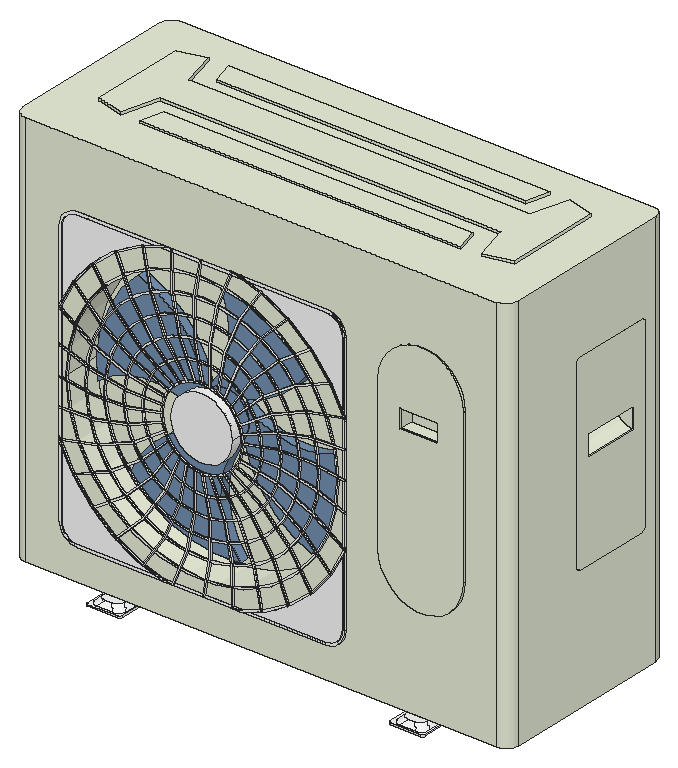
Revit family "MDV-V140W$DHN1(C)", category Mechanical Equipment, Revit 2013
Parameters (values of type "MDV-V140W/DHN1(C)")
  clearance access right = 600.000 mm
  clearance access left = 300.000 mm
  clearance access front = 2000.000 mm
  clearance access behind = 300.000 mm
  clearance [instance] = no
  Width = 1040.000 mm
  Series = "VRF"
  Power supply = "220-240V 1Ph~50Hz/60Hz"
  Net Weight = 90.40 kg
  Model = "MDV-V140W/DHN1(C)"
  Minimum Circuit Amps = 40 A
  Min cable selection (power wiring) = "3×6 mm2"
  Maximum Fuse Amps = 40 A
  Manufacturer = "Midea"
  Liquid pipe Radius = 0.5 * Liquid pipe  # 4.765 mm
  Liquid pipe = 9.530 mm
  Installation = "Outdoor installation"
  Height = 865.000 mm
  Heating Power Input = 3.85 kW
  Heating Capacity = 16.00 kW
  Gas pipe Radius = 0.5 * Gas pipe  # 7.950 mm
  Gas pipe = 15.900 mm
  Gas = "R410A"
  Description = "High efficiency air cooled"
  Depth = 410.000 mm
  Cooling Power Input = 3.75 kW
  Cooling Capacity = 14.00 kW
  Condensation = "Air"
  Compressor = "1"
  Casing color = "SB2098"
  Air Flow = 5400.00 m³/h
Reference planes
  plane 1 "Center (Front/Back)": y = 0
  plane 2: z = 0
  plane 3 "Center (Left/Right)": x = 0
  plane 4: y = 221
  plane 5: y = -189
  plane 6: x = -520
  plane 7: x = 520
  plane 8: z = 406.5
  plane 9: z = 300.608
  plane 10: z = 840
Forms (mm)
  Extrusion 1, solid, material "Galvanized Steel", detail levels medium+fine
    sketch origin (-463, 0, 789) x (1, 0, 0) y (0, 1, 0)
      loop
        line (958, 221) -> (-32, 221)
        arc (-32, 221) -> (-49.678, 213.678) -> (-57, 196) r 25
        line (-57, 196) -> (-57, -164)
        arc (-57, -164) -> (-49.678, -181.678) -> (-32, -189) r 25
        line (-32, -189) -> (958, -189)
        arc (958, -189) -> (975.678, -181.678) -> (983, -164) r 25
        line (983, -164) -> (983, 196)
        arc (983, 196) -> (975.678, 213.678) -> (958, 221) r 25
    from -765 to 71
  Extrusion 2, void
    sketch origin (0, 0, 0) x (1, 0, 0) y (0, 0, 1)
      loop
        circle (-122.999, 406.499) r 286
    from 110.334 to 189
  Extrusion 3, solid, material "Galvanized Steel", detail levels fine
    sketch origin (0, 20, 0) x (1, 0, 0) y (0, 1, 0)
      loop
        line (-436.632, 111.286) -> (-436.632, -88.714) -> (-378.677, -104.243) -> (-357.971, -26.969) -> (0, -26.969) -> (357.971, -26.969) -> (378.677, -104.243) -> (436.632, -88.714) -> (436.632, 111.286) -> (378.677, 126.816) -> (357.971, 49.542) -> (0, 49.542) -> (-357.971, 49.542) -> (-378.677, 126.816) -> (-436.632, 111.286)
      loop
        line (-337.266, 126.816) -> (-324.511, 79.213) -> (0, 79.213) -> (324.511, 79.213) -> (337.266, 126.816) -> (0, 126.816) -> (-337.266, 126.816)
      loop
        line (-337.266, -106.816) -> (0, -106.816) -> (337.266, -106.816) -> (324.511, -59.213) -> (0, -59.213) -> (-324.511, -59.213) -> (-337.266, -106.816)
    from 860 to 865
  Extrusion 4, solid, material "Galvanized Steel", detail levels fine
    sketch origin (0, 5, 0) x (0, 1, 0) y (0, 0, 1)
      loop
        arc (-8.433, 685.069) -> (-15.504, 682.14) -> (-18.433, 675.069) r 10
        line (-18.433, 675.069) -> (-18.433, 295.069)
        arc (-18.433, 295.069) -> (-15.504, 287.998) -> (-8.433, 285.069) r 10
        line (-8.433, 285.069) -> (151.567, 285.069)
        arc (151.567, 285.069) -> (158.638, 287.998) -> (161.567, 295.069) r 10
        line (161.567, 295.069) -> (161.567, 675.069)
        arc (161.567, 675.069) -> (158.638, 682.14) -> (151.567, 685.069) r 10
        line (151.567, 685.069) -> (-8.433, 685.069)
    from 520 to 522
  Extrusion 5, solid, material "Galvanized Steel", detail levels fine
    sketch origin (-473, 221, 810) x (1, 0, 0) y (0, 0, -1)
      loop
        line (721.211, 499.033) -> (721.211, 179.033)
        arc (721.211, 179.033) -> (811.211, 89.033) -> (901.211, 179.033) r 90
        line (901.211, 179.033) -> (901.211, 499.033)
        arc (901.211, 499.033) -> (811.211, 589.033) -> (721.211, 499.033) r 90
    from -413 to -410
  Extrusion 6, void
    sketch origin (-438, -192, 810) x (1, 0, 0) y (0, 0, -1)
      loop
        line (731.52, 217.5) -> (811.52, 217.5) -> (811.52, 257.5) -> (731.52, 257.5) -> (731.52, 217.5)
    from 0 to 30.666
  Extrusion 7, void
    sketch origin (49, 0, 0) x (1, 0, 0) y (0, 0, 1)
      loop
        line (446.25, 532.035) -> (428.211, 532.035)
        arc (428.211, 532.035) -> (441.329, 500.364) -> (473, 487.246) r 44.789
        line (473, 487.246) -> (473, 532.035) -> (446.25, 532.035)
    from -137.024 to -16.461
  Extrusion 8, solid, material "Galvanized Steel"
    sketch origin (458, -189, 799) x (-1, 0, 0) y (0, 0, -1)
      loop
        circle (30.982, 736.541) r 4.765
    from -421 to -383.266
  Extrusion 9, solid, material "Galvanized Steel"
    sketch origin (458, -189, 829) x (-1, 0, 0) y (0, 0, -1)
      loop
        circle (30.982, 736.541) r 7.95
    from -421 to -383.266
Cuts and joins
  Extrusion 2, Extrusion 6, Extrusion 7 cuts Extrusion 1
  Extrusion 6 cuts Extrusion 5
  Extrusion 7 cuts Extrusion 4
Lines and regions (mm)
  model lines
    curve 1: line (-473, 221, 24) -> (-473, -139, 24)
    curve 2: line (473, 221, 24) -> (-473, 221, 24)
    curve 3: line (473, -139, 24) -> (473, 221, 24)
    curve 4: line (-473, -139, 24) -> (473, -139, 24)
    curve 5: line (520, 221, 838) -> (520, 221, 24)
    curve 6: line (-520, 221, 24) -> (-520, 221, 838)
    curve 7: line (520, -189, 838) -> (520, -189, 24)
    curve 8: line (-520, -189, 24) -> (-520, -189, 838)
    curve 9: line (520, -189, 860) -> (520, 221, 860)
    curve 10: line (520, 221, 860) -> (-520, 221, 860)
    curve 11: line (-520, 221, 860) -> (-520, -189, 860)
    curve 12: line (-520, -189, 860) -> (520, -189, 860)
Dimensions and locks
  aligned and locked: level to plane 2
Nested families
  nested 1: "xiaodijia2" at (318, 20, 0), type "xiaodijia2", detail levels medium+fine
  nested 2: "xiaodijia2" at (-318, 20, 0), type "xiaodijia2", detail levels medium+fine
  nested 3: "fengkou300（fangxing2）" at (-123, -191, 406.5) x (1, 0, 0) z (0, 1, 0), type "fengkou300（fangxing2）", detail levels medium+fine
  nested 4: "fengshan270" at (-122.996, -100, 406.5) x (0, 0, 1) z (0, -1, 0), type "fengshan270", detail levels fine
  nested 5: "service space" at (520, -189, 0), Height <- "Height", visible <- "clearance", type "Midea Service  Space"
    with Width 600.000 mm, Height 865.000 mm, Depth 410.000 mm
  nested 6: "service space" at (-820, -189, 0), Height <- "Height", visible <- "clearance", type "Midea Service  Space"
    with Width 300.000 mm, Height 865.000 mm, Depth 410.000 mm
  nested 7: "service space" at (-520, 221, 0), Height <- "Height", visible <- "clearance", type "Midea Service  Space"
    with Width 1040.000 mm, Height 865.000 mm, Depth 300.000 mm
  nested 8: "service space" at (-520, -2189, 0), Height <- "Height", visible <- "clearance", type "Midea Service  Space"
    with Width 1040.000 mm, Height 865.000 mm, Depth 2000.000 mm
Connectors
  electrical at (333.52, -192, 572.5)
    settings: on cut or joined group of Extrusion 5, Extrusion 6, index 1, voltage 220 V, apparent load 0 VA, apparent load phase1 0 VA, apparent load phase2 0 VA, apparent load phase3 0 VA, power factor 1, load classification "HVAC", number of poles 1, system type 30, power factor state 1, is connector primary yes, connector utility no, sub classification motor no, connector description ""
  piping at (427.018, 232, 62.459), driven by "Liquid pipe Radius"
    settings: on Extrusion 8, index 2, connector radius 0.1876", flow factor 0, pipe flow 0 GPM, pressure drop 0.00 psi, fitting loss kfactor 0, connector angle 0.00°, fixture units 0, engagement length 0.000 mm, flow configuration 0, flow direction 0, fitting loss method 0, system type 7, joint type 0, gender type 0, connector reference index -1, connector utility 0, adjustable connector no, is connector primary yes, fitting loss table "", connector description ""
  piping at (427.018, 232, 92.459), driven by "Gas pipe Radius"
    settings: on Extrusion 9, index 3, connector radius 0.31299", flow factor 0, pipe flow 0 GPM, pressure drop 0.00 psi, fitting loss kfactor 0, connector angle 0.00°, fixture units 0, engagement length 0.000 mm, flow configuration 0, flow direction 0, fitting loss method 0, system type 8, joint type 0, gender type 0, connector reference index -1, connector utility 0, adjustable connector no, is connector primary no, fitting loss table "", connector description ""
Definition of nested family "xiaodijia2"
  Reference planes
    plane 1 "Center (Front/Back)": y = 0
    plane 2: z = 0
    plane 3 "Center (Left/Right)": x = 0
    plane 4: y = 227
    plane 5: x = -36.5
    plane 6: x = 36.5
    plane 7: z = 12
    plane 8: z = 3
    plane 9: z = 24
    plane 10: y = -20
    plane 11: y = 20
    plane 12: x = 21.5
    plane 13: x = -21.5
    plane 14: y = 190
    plane 15: y = -190
    plane 16: x = -6
    plane 17: x = 6
    plane 18: y = -186
    plane 19: y = -194
  Forms (mm)
    Blend 1, solid, material "HXL White"
      base sketch origin (0, 0, 0) x (1, 0, 0) y (0, 1, 0)
        loop
          line (6.5, 212) -> (-6.5, 212)
          arc (-6.5, 212) -> (-17.107, 207.607) -> (-21.5, 197) r 15
          line (-21.5, 197) -> (-21.5, -197)
          arc (-21.5, -197) -> (-17.107, -207.607) -> (-6.5, -212) r 15
          line (-6.5, -212) -> (6.5, -212)
          arc (6.5, -212) -> (17.107, -207.607) -> (21.5, -197) r 15
          line (21.5, -197) -> (21.5, 197)
          arc (21.5, 197) -> (17.107, 207.607) -> (6.5, 212) r 15
      top sketch origin (0, 0, 0) x (1, 0, 0) y (0, 1, 0)
        loop
          line (26.5, 222) -> (-26.5, 222)
          arc (-26.5, 222) -> (-30.036, 220.536) -> (-31.5, 217) r 5
          line (-31.5, 217) -> (-31.5, -207)
          arc (-31.5, -207) -> (-27.107, -217.607) -> (-16.5, -222) r 15
          line (-16.5, -222) -> (16.5, -222)
          arc (16.5, -222) -> (27.107, -217.607) -> (31.5, -207) r 15
          line (31.5, -207) -> (31.5, 217)
          arc (31.5, 217) -> (30.036, 220.536) -> (26.5, 222) r 5
      from 12 to 3
    Blend 2, void
      base sketch origin (0, 0, 0) x (1, 0, 0) y (0, 1, 0)
        loop
          line (6.5, 202) -> (-6.5, 202)
          arc (-6.5, 202) -> (-10.036, 200.536) -> (-11.5, 197) r 5
          line (-11.5, 197) -> (-11.5, -197)
          arc (-11.5, -197) -> (-10.036, -200.536) -> (-6.5, -202) r 5
          line (-6.5, -202) -> (6.5, -202)
          arc (6.5, -202) -> (10.036, -200.536) -> (11.5, -197) r 5
          line (11.5, -197) -> (11.5, 197)
          arc (11.5, 197) -> (10.036, 200.536) -> (6.5, 202) r 5
      top sketch origin (0, 0, 0) x (1, 0, 0) y (0, 1, 0)
        loop
          line (31.5, -207) -> (31.5, 217)
          arc (31.5, 217) -> (30.036, 220.536) -> (26.5, 222) r 5
          line (26.5, 222) -> (-26.5, 222)
          arc (-26.5, 222) -> (-30.036, 220.536) -> (-31.5, 217) r 5
          line (-31.5, 217) -> (-31.5, -207)
          arc (-31.5, -207) -> (-27.107, -217.607) -> (-16.5, -222) r 15
          line (-16.5, -222) -> (16.5, -222)
          arc (16.5, -222) -> (27.107, -217.607) -> (31.5, -207) r 15
      from 8.355 to 3
    Extrusion 3, solid, material "HXL White"
      sketch origin (0, 0, 0) x (1, 0, 0) y (0, 1, 0)
        loop
          arc (-31.5, 227) -> (-35.036, 225.536) -> (-36.5, 222) r 5
          line (-36.5, 222) -> (-36.5, -222)
          arc (-36.5, -222) -> (-35.036, -225.536) -> (-31.5, -227) r 5
          line (-31.5, -227) -> (31.5, -227)
          arc (31.5, -227) -> (35.036, -225.536) -> (36.5, -222) r 5
          line (36.5, -222) -> (36.5, 222)
          arc (36.5, 222) -> (35.036, 225.536) -> (31.5, 227) r 5
          line (31.5, 227) -> (-31.5, 227)
        loop
          arc (-26.5, 222) -> (-30.036, 220.536) -> (-31.5, 217) r 5
          line (-31.5, 217) -> (-31.5, -207)
          arc (-31.5, -207) -> (-27.107, -217.607) -> (-16.5, -222) r 15
          line (-16.5, -222) -> (16.5, -222)
          arc (16.5, -222) -> (27.107, -217.607) -> (31.5, -207) r 15
          line (31.5, -207) -> (31.5, 217)
          arc (31.5, 217) -> (30.036, 220.536) -> (26.5, 222) r 5
          line (26.5, 222) -> (-26.5, 222)
      from 0 to 3
    Extrusion 4, solid, material "HXL White"
      sketch origin (0, 0, 0) x (0, 1, 0) y (0, 0, 1)
        loop
          arc (-19.275, 24) -> (-19.902, 23.667) -> (-20.264, 23.056) r 1.312
          line (-20.264, 23.056) -> (-22.833, 13.434)
          arc (-22.833, 13.434) -> (-23.437, 12.605) -> (-24.266, 12) r 3.318
          line (-24.266, 12) -> (24.266, 12)
          arc (24.266, 12) -> (23.437, 12.605) -> (22.833, 13.434) r 3.318
          line (22.833, 13.434) -> (20.264, 23.056)
          arc (20.264, 23.056) -> (19.902, 23.667) -> (19.275, 24) r 1.312
          line (19.275, 24) -> (-19.275, 24)
      from -21.5 to 21.5
    Extrusion 5, solid, material "HXL White"
      sketch origin (0, 150, 0) x (0, 1, 0) y (0, 0, 1)
        loop
          arc (-19.275, 24) -> (-19.902, 23.667) -> (-20.264, 23.056) r 1.312
          line (-20.264, 23.056) -> (-22.833, 13.434)
          arc (-22.833, 13.434) -> (-23.437, 12.605) -> (-24.266, 12) r 3.318
          line (-24.266, 12) -> (24.266, 12)
          arc (24.266, 12) -> (23.437, 12.605) -> (22.833, 13.434) r 3.318
          line (22.833, 13.434) -> (20.264, 23.056)
          arc (20.264, 23.056) -> (19.902, 23.667) -> (19.275, 24) r 1.312
          line (19.275, 24) -> (-19.275, 24)
      from -21.5 to 21.5
    Extrusion 6, solid, material "HXL White"
      sketch origin (0, -150, 0) x (0, 1, 0) y (0, 0, 1)
        loop
          arc (-19.275, 24) -> (-19.902, 23.667) -> (-20.264, 23.056) r 1.312
          line (-20.264, 23.056) -> (-22.833, 13.434)
          arc (-22.833, 13.434) -> (-23.437, 12.605) -> (-24.266, 12) r 3.318
          line (-24.266, 12) -> (24.266, 12)
          arc (24.266, 12) -> (23.437, 12.605) -> (22.833, 13.434) r 3.318
          line (22.833, 13.434) -> (20.264, 23.056)
          arc (20.264, 23.056) -> (19.902, 23.667) -> (19.275, 24) r 1.312
          line (19.275, 24) -> (-19.275, 24)
      from -21.5 to 21.5
    Extrusion 7, void
      sketch origin (0, 0, 0) x (1, 0, 0) y (0, 1, 0)
        loop
          arc (-6, -186) -> (-10, -190) -> (-6, -194) r 4
          line (-6, -194) -> (6, -194)
          arc (6, -194) -> (10, -190) -> (6, -186) r 4
          line (6, -186) -> (-6, -186)
        loop
          line (-6, 186) -> (6, 186)
          arc (6, 186) -> (10, 190) -> (6, 194) r 4
          line (6, 194) -> (-6, 194)
          arc (-6, 194) -> (-10, 190) -> (-6, 186) r 4
      from 0 to 20
  Cuts and joins
    Blend 2, Extrusion 7 cuts Blend 1
  Dimensions and locks
    aligned and locked: level to plane 2
Definition of nested family "fengkou300（fangxing2）"
  Parameters (values of type "fengkou300（fangxing2）")
    Series = ""
    Machine material = Midea White
    Installation = ""
    Gas = ""
    Condensation = ""
  Reference planes
    plane 1 "Center (Front/Back)": y = 0
    plane 2: z = 0
    plane 3 "Center (Left/Right)": x = 0
    plane 4: y = 316
    plane 5: y = -316
    plane 6: x = -300
    plane 7: x = 300
    plane 8: through (306.104, -306.102, 1219.2) normal (-0.7071, -0.7071, 0)
    plane 9: through (-306.478, -306.479, 1219.2) normal (0.7071, -0.7071, 0)
  Forms (mm)
    Extrusion 1, solid, material "Midea White" <- "Machine material"
      sketch origin (0, 0, 0) x (1, 0, 0) y (0, 1, 0)
        loop
          arc (-260, 316) -> (-288.284, 304.284) -> (-300, 276) r 40
          line (-300, 276) -> (-300, -276)
          arc (-300, -276) -> (-288.284, -304.284) -> (-260, -316) r 40
          line (-260, -316) -> (260, -316)
          arc (260, -316) -> (288.284, -304.284) -> (300, -276) r 40
          line (300, -276) -> (300, 276)
          arc (300, 276) -> (288.284, 304.284) -> (260, 316) r 40
          line (260, 316) -> (-260, 316)
        loop
          line (260, 311) -> (-260, 311)
          arc (-260, 311) -> (-284.749, 300.749) -> (-295, 276) r 35
          line (-295, 276) -> (-295, -276)
          arc (-295, -276) -> (-284.749, -300.749) -> (-260, -311) r 35
          line (-260, -311) -> (260, -311)
          arc (260, -311) -> (284.749, -300.749) -> (295, -276) r 35
          line (295, -276) -> (295, 276)
          arc (295, 276) -> (284.749, 300.749) -> (260, 311) r 35
      from 0 to 10
    Extrusion 2, solid, material "Midea White" <- "Machine material"
      sketch origin (-1059.446, 0, 0) x (1, 0, 0) y (0, 1, 0)
        loop
          arc (1057.944, 325.999) -> (1075.678, 204.494) -> (1057.944, 82.989) r 425.111
          line (1057.944, 82.989) -> (1060.944, 82.989)
          arc (1060.944, 82.989) -> (1079.329, 204.494) -> (1060.944, 325.999) r 410.684
          line (1060.944, 325.999) -> (1057.944, 325.999)
        loop
          arc (1060.948, -325.999) -> (1043.214, -204.494) -> (1060.948, -82.989) r 425.111
          line (1060.948, -82.989) -> (1057.948, -82.989)
          arc (1057.948, -82.989) -> (1039.562, -204.494) -> (1057.948, -325.999) r 410.684
          line (1057.948, -325.999) -> (1060.948, -325.999)
        loop
          arc (1385.445, 1.502) -> (1263.939, -16.232) -> (1142.434, 1.502) r 425.111
          line (1142.434, 1.502) -> (1142.434, -1.498)
          arc (1142.434, -1.498) -> (1263.939, -19.884) -> (1385.445, -1.498) r 410.684
          line (1385.445, -1.498) -> (1385.445, 1.502)
        loop
          arc (733.447, -1.502) -> (854.952, 16.232) -> (976.457, -1.502) r 425.111
          line (976.457, -1.502) -> (976.457, 1.498)
          arc (976.457, 1.498) -> (854.952, 19.884) -> (733.447, 1.498) r 410.684
          line (733.447, 1.498) -> (733.447, -1.502)
        loop
          arc (1288.9, 231.578) -> (1215.522, 133.121) -> (1117.065, 59.744) r 425.111
          line (1117.065, 59.744) -> (1119.187, 57.623)
          arc (1119.187, 57.623) -> (1218.105, 130.539) -> (1291.021, 229.457) r 410.684
          line (1291.021, 229.457) -> (1288.9, 231.578)
        loop
          arc (829.992, -231.578) -> (903.369, -133.121) -> (1001.826, -59.744) r 425.111
          line (1001.826, -59.744) -> (999.705, -57.623)
          arc (999.705, -57.623) -> (900.787, -130.539) -> (827.871, -229.457) r 410.684
          line (827.871, -229.457) -> (829.992, -231.578)
        loop
          arc (1291.024, -229.454) -> (1192.567, -156.077) -> (1119.19, -57.62) r 425.111
          line (1119.19, -57.62) -> (1117.068, -59.741)
          arc (1117.068, -59.741) -> (1189.985, -158.659) -> (1288.903, -231.575) r 410.684
          line (1288.903, -231.575) -> (1291.024, -229.454)
        loop
          arc (827.868, 229.454) -> (926.325, 156.077) -> (999.702, 57.62) r 425.111
          line (999.702, 57.62) -> (1001.823, 59.741)
          arc (1001.823, 59.741) -> (928.907, 158.659) -> (829.989, 231.575) r 410.684
          line (829.989, 231.575) -> (827.868, 229.454)
        loop
          arc (1182.812, 301.758) -> (1152.699, 182.716) -> (1089.816, 77.246) r 425.111
          line (1089.816, 77.246) -> (1092.588, 76.098)
          arc (1092.588, 76.098) -> (1156.072, 181.318) -> (1185.584, 300.61) r 410.684
          line (1185.584, 300.61) -> (1182.812, 301.758)
        loop
          arc (936.079, -301.758) -> (966.193, -182.716) -> (1029.075, -77.246) r 425.111
          line (1029.075, -77.246) -> (1026.304, -76.098)
          arc (1026.304, -76.098) -> (962.819, -181.318) -> (933.308, -300.61) r 410.684
          line (933.308, -300.61) -> (936.079, -301.758)
        loop
          arc (1361.204, -123.366) -> (1242.162, -93.253) -> (1136.692, -30.371) r 425.111
          line (1136.692, -30.371) -> (1135.544, -33.142)
          arc (1135.544, -33.142) -> (1240.764, -96.626) -> (1360.056, -126.138) r 410.684
          line (1360.056, -126.138) -> (1361.204, -123.366)
        loop
          arc (757.687, 123.366) -> (876.73, 93.253) -> (982.199, 30.371) r 425.111
          line (982.199, 30.371) -> (983.347, 33.142)
          arc (983.347, 33.142) -> (878.127, 96.626) -> (758.835, 126.138) r 410.684
          line (758.835, 126.138) -> (757.687, 123.366)
        loop
          arc (1360.054, 126.142) -> (1254.585, 63.26) -> (1135.542, 33.146) r 425.111
          line (1135.542, 33.146) -> (1136.69, 30.375)
          arc (1136.69, 30.375) -> (1255.982, 59.886) -> (1361.203, 123.37) r 410.684
          line (1361.203, 123.37) -> (1360.054, 126.142)
        loop
          arc (758.837, -126.142) -> (864.307, -63.26) -> (983.349, -33.146) r 425.111
          line (983.349, -33.146) -> (982.201, -30.375)
          arc (982.201, -30.375) -> (862.909, -59.886) -> (757.689, -123.37) r 410.684
          line (757.689, -123.37) -> (758.837, -126.142)
        loop
          arc (1185.588, -300.609) -> (1122.706, -195.139) -> (1092.592, -76.097) r 425.111
          line (1092.592, -76.097) -> (1089.82, -77.245)
          arc (1089.82, -77.245) -> (1119.332, -196.537) -> (1182.816, -301.757) r 410.684
          line (1182.816, -301.757) -> (1185.588, -300.609)
        loop
          arc (933.304, 300.609) -> (996.186, 195.139) -> (1026.3, 76.097) r 425.111
          line (1026.3, 76.097) -> (1029.071, 77.245)
          arc (1029.071, 77.245) -> (999.56, 196.537) -> (936.075, 301.757) r 410.684
          line (936.075, 301.757) -> (933.304, 300.609)
        loop
          arc (1121.572, 320.028) -> (1115.261, 197.398) -> (1074.163, 81.687) r 425.111
          line (1074.163, 81.687) -> (1077.105, 81.102)
          arc (1077.105, 81.102) -> (1118.842, 196.685) -> (1124.514, 319.443) r 410.684
          line (1124.514, 319.443) -> (1121.572, 320.028)
        loop
          arc (997.32, -320.028) -> (1003.631, -197.398) -> (1044.729, -81.687) r 425.111
          line (1044.729, -81.687) -> (1041.786, -81.102)
          arc (1041.786, -81.102) -> (1000.049, -196.685) -> (994.378, -319.443) r 410.684
          line (994.378, -319.443) -> (997.32, -320.028)
        loop
          arc (1379.474, -62.126) -> (1256.843, -55.815) -> (1141.133, -14.717) r 425.111
          line (1141.133, -14.717) -> (1140.548, -17.659)
          arc (1140.548, -17.659) -> (1256.131, -59.396) -> (1378.888, -65.068) r 410.684
          line (1378.888, -65.068) -> (1379.474, -62.126)
        loop
          arc (739.418, 62.126) -> (862.048, 55.815) -> (977.759, 14.717) r 425.111
          line (977.759, 14.717) -> (978.344, 17.659)
          arc (978.344, 17.659) -> (862.761, 59.396) -> (740.003, 65.068) r 410.684
          line (740.003, 65.068) -> (739.418, 62.126)
        loop
          arc (1329.669, 182.364) -> (1238.494, 100.114) -> (1127.614, 47.355) r 425.111
          line (1127.614, 47.355) -> (1129.28, 44.861)
          arc (1129.28, 44.861) -> (1240.523, 97.078) -> (1331.336, 179.87) r 410.684
          line (1331.336, 179.87) -> (1329.669, 182.364)
        loop
          arc (789.222, -182.364) -> (880.397, -100.114) -> (991.278, -47.355) r 425.111
          line (991.278, -47.355) -> (989.611, -44.861)
          arc (989.611, -44.861) -> (878.369, -97.078) -> (787.556, -179.87) r 410.684
          line (787.556, -179.87) -> (789.222, -182.364)
        loop
          arc (1241.81, -270.223) -> (1159.56, -179.048) -> (1106.801, -68.168) r 425.111
          line (1106.801, -68.168) -> (1104.306, -69.835)
          arc (1104.306, -69.835) -> (1156.524, -181.077) -> (1239.316, -271.89) r 410.684
          line (1239.316, -271.89) -> (1241.81, -270.223)
        loop
          arc (877.082, 270.223) -> (959.332, 179.048) -> (1012.091, 68.168) r 425.111
          line (1012.091, 68.168) -> (1014.585, 69.835)
          arc (1014.585, 69.835) -> (962.368, 181.077) -> (879.576, 271.89) r 410.684
          line (879.576, 271.89) -> (877.082, 270.223)
        loop
          arc (1239.312, 271.893) -> (1186.553, 161.012) -> (1104.303, 69.837) r 425.111
          line (1104.303, 69.837) -> (1106.797, 68.17)
          arc (1106.797, 68.17) -> (1189.589, 158.984) -> (1241.806, 270.226) r 410.684
          line (1241.806, 270.226) -> (1239.312, 271.893)
        loop
          arc (879.58, -271.893) -> (932.339, -161.012) -> (1014.589, -69.837) r 425.111
          line (1014.589, -69.837) -> (1012.094, -68.17)
          arc (1012.094, -68.17) -> (929.303, -158.984) -> (877.085, -270.226) r 410.684
          line (877.085, -270.226) -> (879.58, -271.893)
        loop
          arc (1331.338, -179.866) -> (1220.458, -127.107) -> (1129.283, -44.857) r 425.111
          line (1129.283, -44.857) -> (1127.616, -47.351)
          arc (1127.616, -47.351) -> (1218.429, -130.143) -> (1329.672, -182.361) r 410.684
          line (1329.672, -182.361) -> (1331.338, -179.866)
        loop
          arc (787.553, 179.866) -> (898.434, 127.107) -> (989.609, 44.857) r 425.111
          line (989.609, 44.857) -> (991.275, 47.351)
          arc (991.275, 47.351) -> (900.462, 130.143) -> (789.22, 182.361) r 410.684
          line (789.22, 182.361) -> (787.553, 179.866)
        loop
          arc (1378.887, 65.072) -> (1263.177, 23.975) -> (1140.547, 17.664) r 425.111
          line (1140.547, 17.664) -> (1141.132, 14.721)
          arc (1141.132, 14.721) -> (1263.889, 20.393) -> (1379.473, 62.13) r 410.684
          line (1379.473, 62.13) -> (1378.887, 65.072)
        loop
          arc (740.004, -65.072) -> (855.715, -23.975) -> (978.345, -17.664) r 425.111
          line (978.345, -17.664) -> (977.76, -14.721)
          arc (977.76, -14.721) -> (855.002, -20.393) -> (739.419, -62.13) r 410.684
          line (739.419, -62.13) -> (740.004, -65.072)
        loop
          arc (1124.518, -319.442) -> (1083.42, -203.731) -> (1077.109, -81.101) r 425.111
          line (1077.109, -81.101) -> (1074.167, -81.686)
          arc (1074.167, -81.686) -> (1079.839, -204.444) -> (1121.576, -320.027) r 410.684
          line (1121.576, -320.027) -> (1124.518, -319.442)
        loop
          arc (994.373, 319.442) -> (1035.471, 203.731) -> (1041.782, 81.101) r 425.111
          line (1041.782, 81.101) -> (1044.725, 81.686)
          arc (1044.725, 81.686) -> (1039.053, 204.444) -> (997.316, 320.027) r 410.684
          line (997.316, 320.027) -> (994.373, 319.442)
      from 0 to 2
    Extrusion 3, solid, material "Midea White" <- "Machine material"
      sketch origin (-1059.446, 0, 0) x (1, 0, 0) y (0, 1, 0)
        loop
          circle (1059.448, 0) r 65
      from 0 to 20
    Extrusion 4, solid, material "Midea White" <- "Machine material"
      sketch origin (0, 0, 0) x (1, 0, 0) y (0, 1, 0)
        loop
          circle (0, 0.002) r 326
        loop
          circle (0, 0.002) r 323
        loop
          circle (0, 0.002) r 286
        loop
          circle (0, 0.002) r 283
        loop
          circle (0, 0.002) r 246
        loop
          circle (0, 0.002) r 243
        loop
          circle (0, 0.002) r 206
        loop
          circle (0, 0.002) r 203
        loop
          circle (0, 0.002) r 166
        loop
          circle (0, 0.002) r 163
        loop
          circle (0, 0.002) r 126
        loop
          circle (0, 0.002) r 123
        loop
          circle (0, 0.002) r 86
        loop
          circle (0, 0.002) r 83
      from 0 to 2
    Extrusion 5, void
      sketch origin (0, 0, 0) x (1, 0, 0) y (0, 1, 0)
        loop
          line (260, 316) -> (-260, 316)
          arc (-260, 316) -> (-288.284, 304.284) -> (-300, 276) r 40
          line (-300, 276) -> (-300, -276)
          arc (-300, -276) -> (-288.284, -304.284) -> (-260, -316) r 40
          line (-260, -316) -> (260, -316)
          arc (260, -316) -> (288.284, -304.284) -> (300, -276) r 40
          line (300, -276) -> (300, 276)
          arc (300, 276) -> (288.284, 304.284) -> (260, 316) r 40
        loop
          arc (-260, 416) -> (-358.995, 374.995) -> (-400, 276) r 140
          line (-400, 276) -> (-400, -276)
          arc (-400, -276) -> (-358.995, -374.995) -> (-260, -416) r 140
          line (-260, -416) -> (260, -416)
          arc (260, -416) -> (358.995, -374.995) -> (400, -276) r 140
          line (400, -276) -> (400, 276)
          arc (400, 276) -> (358.995, 374.995) -> (260, 416) r 140
          line (260, 416) -> (-260, 416)
      from 0 to 250
    Extrusion 6, solid, material "Midea White" <- "Machine material"
      sketch origin (0, 0, 0) x (1, 0, 0) y (0, 1, 0)
        loop
          line (-97.757, 311) -> (-260, 311)
          arc (-260, 311) -> (-284.749, 300.749) -> (-295, 276) r 35
          line (-295, 276) -> (-295, 138.75)
          arc (-295, 138.75) -> (-214.434, 245.551) -> (-97.757, 311) r 326
        loop
          arc (-295, -276) -> (-284.749, -300.749) -> (-260, -311) r 35
          line (-260, -311) -> (-97.743, -311)
          arc (-97.743, -311) -> (-214.429, -245.551) -> (-295, -138.746) r 326
          line (-295, -138.746) -> (-295, -276)
        loop
          arc (260, -311) -> (284.749, -300.749) -> (295, -276) r 35
          line (295, -276) -> (295, -138.746)
          arc (295, -138.746) -> (214.429, -245.551) -> (97.743, -311) r 326
          line (97.743, -311) -> (260, -311)
        loop
          arc (295, 276) -> (284.749, 300.749) -> (260, 311) r 35
          line (260, 311) -> (97.757, 311)
          arc (97.757, 311) -> (214.434, 245.551) -> (295, 138.75) r 326
          line (295, 138.75) -> (295, 276)
      from 0 to 2
  Cuts and joins
    Extrusion 5 cuts Extrusion 1
    Extrusion 5 cuts Extrusion 2
    Extrusion 5 cuts Extrusion 4
  Dimensions and locks
    aligned and locked: level to plane 2
Definition of nested family "fengshan270"
  Reference planes
    plane 1 "Center (Front/Back)": y = 0
    plane 2: z = 0
    plane 3 "Center (Left/Right)": x = 0
  Forms (mm)
    Extrusion 1, solid, material "Midea Dark Blue"
      sketch origin (0, 0, 0) x (1, 0, 0) y (0, 1, 0)
        loop
          circle (0, 0) r 50
      from 0 to 30
    Extrusion 2, solid, material "Midea Dark Blue"
      sketch origin (-20, 0, 0) x (0, -1, 0) y (1, 0, 0)
        loop
          arc (32.105, 288.084) -> (-94.042, 273.093) -> (-199.371, 202.075) r 270
          arc (-199.371, 202.075) -> (-134.798, 110.882) -> (-35, 60.622) r 231.205
          arc (-35, 60.622) -> (0, 70) -> (35, 60.622) r 70
          arc (35, 60.622) -> (-8.793, 173.814) -> (32.105, 288.084) r 173.918
      from 0 to 30
    Extrusion 3, solid, material "Midea Dark Blue"
      sketch origin (20, 0, 0) x (0, 1, 0) y (-1, 0, 0)
        loop
          arc (32.105, 288.084) -> (-94.042, 273.093) -> (-199.371, 202.075) r 270
          arc (-199.371, 202.075) -> (-134.798, 110.882) -> (-35, 60.622) r 231.205
          arc (-35, 60.622) -> (0, 70) -> (35, 60.622) r 70
          arc (35, 60.622) -> (-8.793, 173.814) -> (32.105, 288.084) r 173.918
      from 0 to 30
    Extrusion 4, solid, material "Midea Dark Blue"
      sketch origin (0, 0, 0) x (1, 0, 0) y (0, 1, 0)
        loop
          arc (32.105, 268.084) -> (-94.042, 253.093) -> (-199.371, 182.075) r 270
          arc (-199.371, 182.075) -> (-134.798, 90.882) -> (-35, 40.622) r 231.205
          arc (-35, 40.622) -> (0, 50) -> (35, 40.622) r 70
          arc (35, 40.622) -> (-8.793, 153.814) -> (32.105, 268.084) r 173.918
        loop
          arc (199.371, -182.075) -> (134.798, -90.882) -> (35, -40.622) r 231.205
          arc (35, -40.622) -> (0, -50) -> (-35, -40.622) r 70
          arc (-35, -40.622) -> (8.793, -153.814) -> (-32.105, -268.084) r 173.918
          arc (-32.105, -268.084) -> (94.042, -253.093) -> (199.371, -182.075) r 270
      from 0 to 30
  Dimensions and locks
    aligned and locked: level to plane 2
Definition of nested family "service space"
  Parameters (values of type "Midea Service  Space")
    Width [instance] = 500.000 mm
    Height [instance] = 500.000 mm
    Depth [instance] = 500.000 mm
  Reference planes
    plane 1 "Center (Front/Back)": y = 0
    plane 2: z = 0
    plane 3 "Center (Left/Right)": x = 0
    plane 4: z = 500
    plane 5: y = 500
    plane 6: x = 500
  Forms (mm)
    Extrusion 1, solid, material "Midea Service Space-HDY"
      sketch origin (0, 0, 0) x (1, 0, 0) y (0, 1, 0)
        loop
          line (0, 500) -> (0, 0) -> (500, 0) -> (500, 500) -> (0, 500)
      from 0 to 500
  Dimensions and locks
    "Width": plane 3 "Center (Left/Right)" to plane 6
    "Depth": plane 5 to plane 1 "Center (Front/Back)"
    "Height": level to plane 4
    aligned and locked: level to plane 2
    aligned and locked: plane 5 to Extrusion 1
    aligned and locked: Extrusion 1 to plane 6
    aligned and locked: Extrusion 1 to plane 3 "Center (Left/Right)"
    aligned and locked: plane 1 "Center (Front/Back)" to Extrusion 1
    aligned and locked: Extrusion 1 to plane 4
  Automatic sketch dimensions
    Extrusion 1 sketch curve to plane 3 "Center (Left/Right)" = 0.000 mm
    plane 1 "Center (Front/Back)" to Extrusion 1 sketch curve = 0.000 mm
    Extrusion 1 sketch curve to plane 6 = 0.000 mm
    Extrusion 1 sketch curve to plane 5 = 0.000 mm
